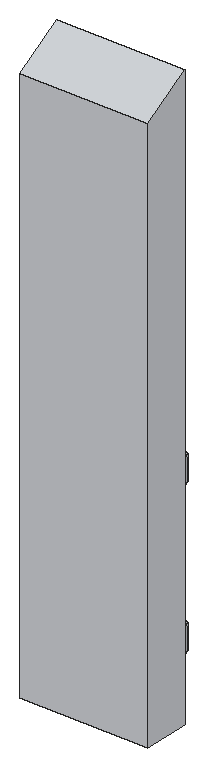
Revit family "57_CRD_ME_Ventura_V1C-V", category Mechanical Equipment, Revit 2020
Family settings
  Round Connector Dimension = Use Diameter
  Classification = None
  Part Type = Normal
  Work Plane-Based = Yes
  Always vertical = Yes
  Cut with Voids When Loaded = No
  Shared = No
  Room Calculation Point = Yes
Parameters
  voltage = 230 V  # constant formula
  roosters_hoh_maat [instance] = 660 mm
  rooster_offset_Y_onder [instance] = hoh_ventilatie_doorvoeren - roosters_hoh_maat + rooster_offset_Y_boven  # -200 mm
  rooster_offset_Y_boven [instance] = -50 mm
  rooster_offset_X [instance] = 100 mm
  onderkant_unit_tov_vloerpeil = 0 mm
  muurrooster_waalformaat [instance] = not(muurrooster_vierkant)  # no
  muurrooster_vierkant [instance] = yes
  materiaal_unit [instance] = none
  materiaal_muurrooster [instance] = none
  materiaal_kanaal [instance] = Color RAL 9016
  eis_offset_Y [instance] = "negatief getal ivm ontwatering"  # constant formula
  dikte_binnenspouwblad [instance] = 40 mm
  hoh_ventilatie_doorvoeren [instance] = 510 mm  # constant formula
  dikte_spouwconstructie [instance] = 400 mm
  diameter_cv = 15 mm
  diameter [instance] = if(connection_diameter_110, 110 mm, 150 mm)  # 110 mm
  debiet_m3h_max [instance] = 237.00 m³  # constant formula
  debiet_m3h [instance] = 100.00 m³
  debiet_Ls [instance] = debiet_m3h / 3600.0 s  # 27.7778 L/s
  connection_diameter_150 [instance] = not(connection_diameter_110)  # no
  connection_diameter_110 [instance] = yes
  Power = 0 VA
  Mounting = 57_CRD_ME_Ventura_V1C-V_shared : Ventura V1C-V unit
  Default Elevation = 1219.2 mm
  1e_ventilatie_doorvoer_tov_vloerpeil = 250 mm  # constant formula
Reference planes
  plane 1 "Center (Front/Back)": y = 0
  plane 2: z = 0
  plane 3 "Center (Left/Right)": x = 0
  plane 4 "doorvoer_onder": z = 250
  plane 5 "doorvoer_boven": z = 760
  plane 6: x = 192
  plane 7: x = 230
  plane 8: y = -180
Forms (mm)
  Extrusion 1, solid, material <- "materiaal_unit"
    sketch origin (0, 0, 0) x (1, 0, 0) y (0, 1, 0)
      loop
        circle (192, -180) r 7.5
    from 0 to 10
  Extrusion 2, solid, material <- "materiaal_unit"
    sketch origin (0, 0, 0) x (1, 0, 0) y (0, 1, 0)
      loop
        circle (230, -180) r 7.5
    from 0 to 10
Dimensions and locks
  "hoh_ventilatie_doorvoeren": plane 4 "doorvoer_onder" to plane 5 "doorvoer_boven"
  "1e_ventilatie_doorvoer_tov_vloerpeil": plane 2 to plane 4 "doorvoer_onder"
  plane 3 "Center (Left/Right)" to plane 6 = 192 mm
  locked: plane 3 "Center (Left/Right)" to plane 7 at 230
  locked: plane 1 "Center (Front/Back)" to plane 8 at 180
  "diameter_cv": diameter of Extrusion 2 sketch curve
  "diameter_cv": diameter of Extrusion 1 sketch curve
  aligned and locked: level to plane 2
  aligned and locked: nested 2 to plane 1 "Center (Front/Back)"
  aligned and locked: nested 2 to plane 3 "Center (Left/Right)"
  aligned and locked: nested 4 to plane 1 "Center (Front/Back)"
  aligned and locked: nested 4 to plane 3 "Center (Left/Right)"
  aligned and locked: nested 1 to plane 2
Automatic sketch dimensions
  Extrusion 1 sketch curve to plane 6 = 0 mm
  Extrusion 1 sketch curve to plane 8 = 0 mm
  Extrusion 2 sketch curve to plane 7 = 0 mm
  Extrusion 2 sketch curve to plane 8 = 0 mm
Nested families
  nested 1: "57_CRD_ME_Ventura_V1C-V_shared" at (0, 0, 0) x (1, 0, 0) z (0, -1, 0), built-in parameter 1001360 <- "onderkant_unit_tov_vloerpeil", materiaal_muurrooster <- "materiaal_muurrooster", debiet_m3h <- "debiet_m3h", muurrooster_vierkant <- "muurrooster_vierkant", Power <- "Power", type <- "Mounting", materiaal_kanaal <- "materiaal_kanaal", materiaal_unit <- "materiaal_unit", rooster_offset_X <- "rooster_offset_X", rooster_offset_Y_boven <- "rooster_offset_Y_boven", rooster_offset_Y_onder <- "rooster_offset_Y_onder", dikte_binnenspouwblad <- "dikte_binnenspouwblad", dikte_spouwconstructie <- "dikte_spouwconstructie", Connection Diameter 150mm <- "connection_diameter_150", type "Ventura V1C-V unit"
    with rooster_offset_Y_onder -200 mm, rooster_offset_Y_boven -50 mm, rooster_offset_X 100 mm, muurrooster_waalformaat no, muurrooster_vierkant yes, materiaal_unit none, materiaal_muurrooster none, materiaal_kanaal Color RAL 9016, dikte_spouwconstructie 400 mm, dikte_binnenspouwblad 40 mm, debiet_m3h 100.00 m³, debiet_Ls 27.7778 L/s, Vertical Right1 no, Vertical Left1 no, Square White1 no, Square Grille Visible no, Square Grey1 no, Service Space no, Right Clearance 20 mm, Reference Line Ventilation Unit Length 260 mm, Reference Line Ventilation Unit Angle 0.00°, Reference Line Grid Length 96 mm, Reference Line Grid Angle 90.00°, Rectangular White1 no, Rectangular Grille Visible yes, Rectangular Brown1 yes, Rectangular Black1 no, Power 0 VA, Line Length 86.4 mm, Left Clearance 0 mm, Inside Diameter Wall Grille 140 mm, Horizontal Right1 yes, Horizontal Left1 no, Grille Wall Transit Length Safe 180 mm, Grille Wall Transit Length 220 mm, Function Code "", Double Rectangular White1 no, Double Rectangular Grille Visible no, Double Rectangular Brown1 no, Double Rectangular Black1 no, Diameter Wall Grille 140 mm, Connector Diameter 110 mm, Connection Diameter 150mm no, Connection Diameter 110mm yes
  nested 2: "57_CRD_AT_aansluiting_muurrooster_flex" at (0, 0, 250) x (-1, 0, 0) z (0, 0, 1), materiaal_kanaal <- "materiaal_kanaal", materiaal_rooster <- "materiaal_muurrooster", diepte <- "dikte_spouwconstructie", lengte_recht_deel_aansluiting <- "dikte_binnenspouwblad", offset_X <- "rooster_offset_X", offset_Y <- "rooster_offset_Y_onder", Connection Diameter 150 <- "connection_diameter_150", muurrooster_waalformaat <- "muurrooster_waalformaat", type "Grille"
    with rekenwaarde_offset_Y 800 mm, rekenwaarde_offset_X 1100 mm, offset_Y -200 mm, offset_X 100 mm, muurrooster_waalformaat no, muurrooster_vierkant yes, materiaal_rooster none, materiaal_kanaal Color RAL 9016, lengte_recht_deel_aansluiting 40 mm, diepte 400 mm, Tube Length 370 mm, R 55 mm, Diameter 110 mm, Connection Diameter 150 no, Connection Diameter 110 yes, Connection Diameter 110 mm
  nested 3: "Square Grille" at (-100, 400.025, 50) x (-1, 0, 0) z (0, 0, 1), type "Square Grille"
    with materiaal none, Function Code ""
  nested 4: "57_CRD_AT_aansluiting_muurrooster_flex" at (0, 0, 760) x (-1, 0, 0) z (0, 0, 1), materiaal_kanaal <- "materiaal_kanaal", materiaal_rooster <- "materiaal_muurrooster", diepte <- "dikte_spouwconstructie", lengte_recht_deel_aansluiting <- "dikte_binnenspouwblad", offset_X <- "rooster_offset_X", offset_Y <- "rooster_offset_Y_boven", Connection Diameter 150 <- "connection_diameter_150", muurrooster_waalformaat <- "muurrooster_waalformaat", type "Grille"
    with rekenwaarde_offset_Y 950 mm, rekenwaarde_offset_X 1100 mm, offset_Y -50 mm, offset_X 100 mm, muurrooster_waalformaat no, muurrooster_vierkant yes, materiaal_rooster none, materiaal_kanaal Color RAL 9016, lengte_recht_deel_aansluiting 40 mm, diepte 400 mm, Tube Length 370 mm, R 55 mm, Diameter 110 mm, Connection Diameter 150 no, Connection Diameter 110 yes, Connection Diameter 110 mm
  nested 5: "Square Grille" at (-100, 400.025, 710) x (-1, 0, 0) z (0, 0, 1), type "Square Grille"
    with materiaal none, Function Code ""
Connectors
  electrical at (0, 0, 1279), driven by "voltage"
    settings: on nested 1, index 1, voltage 230 V, apparent load 0 VA, apparent load phase1 0 VA, apparent load phase2 0 VA, apparent load phase3 0 VA, power factor 1, load classification "Other", number of poles 1, system type 31, power factor state 1, is connector primary yes, connector utility no, sub classification motor no, connector description ""
  hvac at (0, 0, 760), driven by "diameter", driven by "debiet_Ls"
    settings: on nested 4, index 2, duct flow 27.7778 L/s, flow factor 0, pres drop 0.0 Pa, loss coef 0, conn angle 0.00°, conn width 304.8 mm, conn height 304.8 mm, conn diameter 110 mm, duct sys type 2, conn prof type 0, flow config 0, flow direction 2, loss method 0, conn ref index -1, conn util no, is conn primary yes, conn desc ""
  hvac at (0, 0, 250), driven by "diameter", driven by "debiet_Ls"
    settings: on nested 2, index 3, duct flow 27.7778 L/s, flow factor 0, pres drop 0.0 Pa, loss coef 0, conn angle 0.00°, conn width 304.8 mm, conn height 304.8 mm, conn diameter 110 mm, duct sys type 1, conn prof type 0, flow config 0, flow direction 1, loss method 0, conn ref index -1, conn util no, is conn primary no, conn desc ""
  piping at (192, -180, 0), diameter 15, driven by "diameter_cv"
    settings: on Extrusion 1, index 4, connector inside diameter 609.6 mm, connector length 0 mm, flow factor 0, pipe flow 0.0 L/s, pressure drop 0.0 Pa, fitting loss kfactor 0, connector angle 0.00°, fixture units 0, engagement length 0 mm, angle of deflection 0.00°, flow configuration 0, flow direction 1, fitting loss method 0, system type 7, joint type 0, gender type 0, connector reference index -1, connector utility 0, adjustable connector no, is connector primary yes, connector description ""
  piping at (230, -180, 0), diameter 15, driven by "diameter_cv"
    settings: on Extrusion 2, index 5, connector inside diameter 609.6 mm, connector length 0 mm, flow factor 0, pipe flow 0.0 L/s, pressure drop 0.0 Pa, fitting loss kfactor 0, connector angle 0.00°, fixture units 0, engagement length 0 mm, angle of deflection 0.00°, flow configuration 0, flow direction 2, fitting loss method 0, system type 8, joint type 0, gender type 0, connector reference index -1, connector utility 0, adjustable connector no, is connector primary no, connector description ""
Definition of nested family "57_CRD_ME_Ventura_V1C-V_shared"
  Parameters (values of type "Mounting Position - Horizontal Right Corner")
    rooster_offset_Y_onder [instance] = 100 mm
    rooster_offset_Y_boven [instance] = 100 mm
    rooster_offset_X [instance] = 100 mm
    muurrooster_waalformaat [instance] = not(muurrooster_vierkant)  # no
    muurrooster_vierkant [instance] = yes
    materiaal_unit [instance] = none
    materiaal_muurrooster [instance] = none
    materiaal_kanaal [instance] = none
    hoogte_voorzijde = 2436 mm  # constant formula
    hoogte = 2558 mm  # constant formula
    hart_zijrooster_tov_wand = 60 mm  # constant formula
    hart_rooster_onder = 60.5 mm  # constant formula
    hart_rooster_boven = 2235 mm  # constant formula
    dikte_spouwconstructie [instance] = 210 mm
    dikte_binnenspouwblad [instance] = 40 mm
    diepte = 202 mm  # constant formula
    debiet_m3h [instance] = 100.00 m³
    debiet_Ls [instance] = debiet_m3h / 3600.0 s  # 27.7778 L/s
    breedte = 558 mm  # constant formula
    afvoer_tov_vloerpeil = 760 mm  # constant formula
    aanvoer_tov_vloerpeil = 250 mm  # constant formula
    Width = 520 mm
    Wholesaler Art. No. = ""
    Wholesaler = ""
    Watermarked By = "https://mep.trimble.com"
    Voltage = 230 V
    Vertical Right1 [instance] = if(Mounting = Vertical Right, 1 = 1, 1 = 0)  # no
    Vertical Right = Position : Vertical, Right Corner
    Vertical Left1 [instance] = if(Mounting = Vertical Left, 1 = 1, 1 = 0)  # no
    Vertical Left = Position : Vertical, Left Corner
    URL = "https://mep.trimble.com"
    Square White1 [instance] = no
    Square Grille Visible [instance] = if(or(Square Grey1, Square White1), 1 = 1, 1 = 0)  # no
    Square Grey1 [instance] = no
    Service Space [instance] = no
    Stabu Code = ""
    Right Clearance [instance] = if(or(Horizontal Right1, Vertical Left1), 20 mm, 0 mm)  # 20 mm
    Revit Version = "2018"  # constant formula
    Reference Line Grid Length [instance] = if(or(Horizontal Left1, Horizontal Right1), 96 mm, 260 mm)  # 96 mm
    Reference Line Grid Angle [instance] = if(Vertical Left1, 0.00°, if(Vertical Right1, 180.00°, 90.00°))  # 90.00°
    Rectangular White1 [instance] = no
    Rectangular Grille Visible [instance] = if(or(Rectangular Black1, Rectangular White1, Rectangular Brown1), 1 = 1, 1 = 0)  # yes
    Rectangular Brown1 [instance] = yes
    Rectangular Black1 [instance] = no
    Product Line = "ClimaRad"  # constant formula
    Power [instance] = 0 VA
    Mounting = Position : Horizontal, Right Corner
    Model = "Ventura V1C"
    Manufacturer URL = "https://www.climarad.nl/producten/actueel/climarad-ventura/"
    Manufacturer Art. No. = "3540300"
    Manufacturer = "ClimaRad"  # constant formula
    MEPcontent Class = "VENTILATION_UNIT"  # constant formula
    Reference Line Ventilation Unit Length [instance] = if(or(Vertical Left1, Vertical Right1), 100.3 mm, 260 mm)  # 260 mm
    Line Length [instance] = if(Connection Diameter 110mm, 86.4 mm, 111.1 mm)  # 111.1 mm
    Left Clearance [instance] = if(or(Horizontal Left1, Vertical Right1), 20 mm, 0 mm)  # 0 mm
    Internal Art. No. = ""
    Inside Diameter Wall Grille [instance] = if(Connection Diameter 150mm, 180 mm, 140 mm)  # 180 mm
    IFCExportType = "NOTDEFINED"  # constant formula
    IFCExportAs = "IfcAirTerminal"  # constant formula
    Horizontal Right1 [instance] = if(Mounting = Horizontal Right, 1 = 1, 1 = 0)  # yes
    Horizontal Right = Position : Horizontal, Right Corner
    Horizontal Left1 [instance] = if(Mounting = Horizontal Left, 1 = 1, 1 = 0)  # no
    Horizontal Left = Position : Horizontal, Left Corner
    Height = 2285 mm
    Grille Wall Transit Length Safe [instance] = 180 mm
    Grille Wall Transit Length [instance] = 220 mm
    GTIN = ""
    GLN = "8719279000001"
    Function Code [instance] = ""  # constant formula
    Family Version = "11.26"  # constant formula
    ETIM Article Class = "EC010004"  # constant formula
    EMCS Version = "4.0"  # constant formula
    Double Rectangular White1 [instance] = no
    Double Rectangular Grille Visible [instance] = if(or(Double Rectangular Brown1, Double Rectangular Black1, Double Rectangular White1), 1 = 1, 1 = 0)  # no
    Double Rectangular Brown1 [instance] = no
    Double Rectangular Black1 [instance] = no
    Diameter Wall Grille [instance] = if(Connection Diameter 110mm, 140 mm, 180 mm)  # 180 mm
    Description = "Ventileren, verwarmen en koelen"
    Depth = 200 mm
    Default Elevation = 0 mm
    Custom = no
    Copyright = "© Trimble Europe BV"  # constant formula
    Content Supplier URL = "www.MEPcontent.com"
    Connection Diameter 150mm [instance] = yes
    Connection Diameter 110mm [instance] = not(Connection Diameter 150mm)  # no
    Connector Diameter [instance] = if(Connection Diameter 150mm, 150 mm, 110 mm)  # 150 mm
    CB-NL Class = ""
    Base Family Version = "12.19"  # constant formula
    Article Type = "Ventura V1C"
    Article Description = "Ventileren, verwarmen en koelen"
    Reference Line Ventilation Unit Angle [instance] = if(Horizontal Left1, 180.00°, if(Horizontal Right1, 0.00°, 90.00°))  # 0.00°
  Types (2, lengths in mm): name | Right Clearance | Mounting | Left Clearance | Horizontal Right1 | Horizontal Left1 | Reference Line Ventilation Unit Angle
    Mounting Position - Horizontal Right Corner | 20 | Position : Horizontal, Right Corner | 0 | yes | no | 0.00°
    Mounting Position - Horizontal Left Corner | 0 | Position : Horizontal, Left Corner | 20 | no | yes | 180.00°
  Reference planes
    plane 1 "Center (Front/Back)": y = 0
    plane 2: z = 0
    plane 3 "Center (Left/Right)": x = 0
    plane 4: x = 0
    plane 5: y = 760
    plane 6: y = 250
    plane 7 "voorkant": z = 202
    plane 8 "links": x = -279
    plane 9 "rechts": x = 279
    plane 10: y = 2436
    plane 11: y = 2558
    plane 12: y = 60.5
    plane 13: y = 2235
    plane 14: z = 60
  Forms (mm)
    Extrusion 1, solid, not visible
      sketch origin (0, 780.8, 0) x (1, 0, 0) y (0, 1, 0)
        loop
          line (-1219.2, 2019.2) -> (-1219.2, -1219.2) -> (1219.2, -1219.2) -> (1219.2, 2019.2) -> (-1219.2, 2019.2)
      from 0 to -304.8
    Extrusion 2, solid, material <- "materiaal_unit"
      sketch origin (0, 0, 0) x (0, 1, 0) y (0, 0, 1)
        loop
          line (2436, 202) -> (0, 202) -> (0, 0) -> (2558, 0) -> (2436, 202)
      from -279 to 279
  Lines and regions (mm)
    reference lines
      curve 1: line (0, 2436, 202) -> (0, 2558, 0)
    symbolic lines
      curve 2: line (925.366, 2512.74, 0) -> (925.366, 2522.74, 0)
      curve 3: line (925.366, 2522.74, 0) -> (941.923, 2522.74, 0)
  Dimensions and locks
    equal spacing: plane 8 "links", plane 4, plane 9 "rechts"
    "breedte": plane 8 "links" to plane 9 "rechts"
    "aanvoer_tov_vloerpeil": plane 6 to plane 1 "Center (Front/Back)"
    "afvoer_tov_vloerpeil": plane 5 to plane 1 "Center (Front/Back)"
    "hoogte_voorzijde": plane 10 to plane 1 "Center (Front/Back)"
    "hoogte": plane 11 to plane 1 "Center (Front/Back)"
    "diepte": plane 7 "voorkant" to level
    "hart_rooster_onder": plane 1 "Center (Front/Back)" to plane 12
    "hart_rooster_boven": plane 1 "Center (Front/Back)" to plane 13
    "hart_zijrooster_tov_wand": plane 14 to level
    aligned and locked: plane 2 to Extrusion 1
    aligned and locked: level to Extrusion 1
    aligned and locked: plane 11 to curve 1
    aligned and locked: level to curve 1
    aligned and locked: plane 10 to curve 1
    aligned and locked: plane 7 "voorkant" to curve 1
    aligned and locked: plane 7 "voorkant" to Extrusion 2 sketch curve
    aligned and locked: plane 1 "Center (Front/Back)" to Extrusion 2 sketch curve
    aligned and locked: Extrusion 2 sketch curve to level
    aligned and locked: Extrusion 2 sketch curve to curve 1
    aligned and locked: Extrusion 2 to plane 8 "links"
    aligned and locked: Extrusion 2 to plane 9 "rechts"
    aligned and locked: plane 3 "Center (Left/Right)" to nested 2
    aligned and locked: plane 12 to nested 2
    aligned and locked: plane 13 to nested 3
    aligned and locked: nested 3 to plane 4
    aligned and locked: nested 5 to plane 14
    aligned and locked: plane 13 to nested 5
    aligned and locked: nested 4 to plane 14
    aligned and locked: plane 13 to nested 4
    aligned and locked: nested 6 to plane 4
  Automatic sketch dimensions
    Extrusion 1 sketch curve to Extrusion 1 sketch curve = 2438.4 mm
    Extrusion 1 sketch curve to Extrusion 1 sketch curve = 3238.4 mm
    curve 2 to plane 11 = 35.26 mm
    curve 2 to plane 9 "rechts" = 646.366 mm
    curve 2 to curve 3 = 16.557 mm
    curve 2 to curve 2 = 10 mm
  Nested families
    nested 1: "Service Space" at (0, 1144.5, 0), visible <- "Service Space", Show Service Area <- "Service Space", type "Service Space"
      with Show Service Area no, Depth 2289 mm, Height 204 mm
    nested 2: "57_rooster_onder" at (0, 60.5, 202), type "rooster_onder"
    nested 3: "57_rooster_boven" at (0, 2235, 202), type "rooster_boven"
    nested 4: "57_rooster_zijkant" at (279, 2235, 60) x (0, 0, -1) z (1, 0, 0), type "rooster_zijkant"
    nested 5: "57_rooster_zijkant" at (-279, 2235, 60) x (0, 0, -1) z (1, 0, 0), type "rooster_zijkant"
    nested 6: "57_rooster_bovenkant" at (0, 2497, 101) x (-1, 0, 0) z (0, 0.856, 0.517), type "rooster_bovenkant"
  Definition of nested family "Service Space"
    Parameters (values of type "Service Space")
      Depth = 2280 mm
      Watermarked By = "www.stabiplan.com"
      URL = "www.stabiplan.com"
      Type Comments = "﻿﻿            ​   ​     ​         ​ ​     ​            ​       ​                   ​   ​       ​      ﻿ ﻿       ​       ﻿    ﻿ ﻿          ﻿﻿"
      Show Service Area [instance] = yes
      Top Clearance = 0 mm
      Right Clearance = 20 mm
      Left Clearance = 0 mm
      Keynote = "﻿﻿            ​   ​     ​         ​ ​     ​            ​       ​                   ​   ​       ​      ﻿ ﻿       ​       ﻿    ﻿ ﻿          ﻿﻿"
      Glass = none
      Front Clearance = 0 mm
      Default Elevation = 0 mm
      Bottom Clearance = 0 mm
      Model = ""
      Manufacturer = ""
      Width = 520 mm
      Height = 203 mm
      Description = "﻿﻿            ​   ​     ​         ​ ​     ​            ​       ​                   ​   ​       ​      ﻿ ﻿       ​       ﻿    ﻿ ﻿          ﻿﻿"
      Manufacturer URL = ""
      Copyright = "© Stabiplan BV / Stabiplan International BV"  # constant formula
      Back Clearance = 0 mm
      Assembly Code = "﻿﻿            ​   ​     ​         ​ ​     ​            ​       ​                   ​   ​       ​      ﻿ ﻿       ​       ﻿    ﻿ ﻿          ﻿﻿"
    Reference planes
      plane 1 "Center (Front/Back)": y = 0
      plane 2: z = 0
      plane 3 "Center (Left/Right)": x = 0
      plane 4: x = 260
      plane 5: x = -260
      plane 6: z = 0
      plane 7: z = 203
      plane 8: x = -255
      plane 9: x = 255
      plane 10: z = -20
      plane 11: y = -1140
      plane 12: x = 280
      plane 13: x = -260
      plane 14: z = 203
      plane 15: y = 1140
      plane 16: y = -1140
      plane 17: y = 1140
    Forms (mm)
      Extrusion 1, solid, material <- "Glass", visible <- "Show Service Area"
        sketch origin (0, 0, 0) x (1, 0, 0) y (0, 1, 0)
          loop
            line (-260, 1140) -> (-260, -1140) -> (280, -1140) -> (280, 1140) -> (-260, 1140)
        from 0 to 203
    Dimensions and locks
      equal spacing: plane 5, plane 3 "Center (Left/Right)", plane 4
      "Width": plane 5 to plane 4
      "Bottom Clearance": plane 6 to plane 2
      "Height": plane 7 to plane 6
      locked: plane 8 to plane 5 at 5
      locked: plane 9 to plane 4 at 5
      locked: plane 6 to plane 10 at 20
      "Right Clearance": plane 12 to plane 4
      "Left Clearance": plane 13 to plane 5
      "Top Clearance": plane 14 to plane 7
      equal spacing: plane 16, plane 1 "Center (Front/Back)", plane 15
      "Back Clearance": plane 17 to plane 15
      "Depth": plane 15 to plane 16
      "Front Clearance": plane 11 to plane 16
      aligned and locked: level to plane 2
      aligned and locked: plane 14 to Extrusion 1
      aligned and locked: Extrusion 1 to plane 17
    Automatic sketch dimensions
      Extrusion 1 sketch curve to plane 13 = 0 mm
      plane 11 to Extrusion 1 sketch curve = 0 mm
      Extrusion 1 sketch curve to plane 12 = 0 mm
      Extrusion 1 sketch curve to plane 1 "Center (Front/Back)" = 1140 mm
  Definition of nested family "57_rooster_onder"
    Parameters
      Default Elevation = 1219.2 mm
    Reference planes
      plane 1 "Center (Front/Back)": y = 0
      plane 2: z = 0
      plane 3 "Center (Left/Right)": x = 0
    Lines and regions (mm)
      model lines
        curve 1: line (-272.5, -36.5, 0) -> (-272.5, 36.5, 0)
        curve 2: arc (-272.5, 36.5, 0) -> (-269.278, 44.278, 0) -> (-261.5, 47.5, 0) r 11
        curve 3: line (-261.5, 47.5, 0) -> (261.5, 47.5, 0)
        curve 4: arc (261.5, 47.5, 0) -> (269.278, 44.278, 0) -> (272.5, 36.5, 0) r 11
        curve 5: line (272.5, 36.5, 0) -> (272.5, -36.5, 0)
        curve 6: arc (272.5, -36.5, 0) -> (269.278, -44.278, 0) -> (261.5, -47.5, 0) r 11
        curve 7: line (261.5, -47.5, 0) -> (-261.5, -47.5, 0)
        curve 8: arc (-261.5, -47.5, 0) -> (-269.278, -44.278, 0) -> (-272.5, -36.5, 0) r 11
        curve 9: line (-262.5, -38.5, 0) -> (-262.5, 38.5, 0)
        curve 10: line (-257.5, 38.5, 0) -> (-257.5, -38.5, 0)
        curve 11: arc (-262.5, 38.5, 0) -> (-260, 41, 0) -> (-257.5, 38.5, 0) r 2.5
        curve 12: arc (-257.5, -38.5, 0) -> (-260, -41, 0) -> (-262.5, -38.5, 0) r 2.5
        curve 13: line (-252.5, -38.5, 0) -> (-252.5, 38.5, 0)
        curve 14: line (-247.5, 38.5, 0) -> (-247.5, -38.5, 0)
        curve 15: arc (-252.5, 38.5, 0) -> (-250, 41, 0) -> (-247.5, 38.5, 0) r 2.5
        curve 16: arc (-247.5, -38.5, 0) -> (-250, -41, 0) -> (-252.5, -38.5, 0) r 2.5
        curve 17: line (-242.5, -38.5, 0) -> (-242.5, 38.5, 0)
        curve 18: line (-237.5, 38.5, 0) -> (-237.5, -38.5, 0)
        curve 19: arc (-242.5, 38.5, 0) -> (-240, 41, 0) -> (-237.5, 38.5, 0) r 2.5
        curve 20: arc (-237.5, -38.5, 0) -> (-240, -41, 0) -> (-242.5, -38.5, 0) r 2.5
        curve 21: line (-232.5, -38.5, 0) -> (-232.5, 38.5, 0)
        curve 22: line (-227.5, 38.5, 0) -> (-227.5, -38.5, 0)
        curve 23: arc (-232.5, 38.5, 0) -> (-230, 41, 0) -> (-227.5, 38.5, 0) r 2.5
        curve 24: arc (-227.5, -38.5, 0) -> (-230, -41, 0) -> (-232.5, -38.5, 0) r 2.5
        curve 25: line (-222.5, -38.5, 0) -> (-222.5, 38.5, 0)
        curve 26: line (-217.5, 38.5, 0) -> (-217.5, -38.5, 0)
        curve 27: arc (-222.5, 38.5, 0) -> (-220, 41, 0) -> (-217.5, 38.5, 0) r 2.5
        curve 28: arc (-217.5, -38.5, 0) -> (-220, -41, 0) -> (-222.5, -38.5, 0) r 2.5
        curve 29: line (-212.5, -38.5, 0) -> (-212.5, 38.5, 0)
        curve 30: line (-207.5, 38.5, 0) -> (-207.5, -38.5, 0)
        curve 31: arc (-212.5, 38.5, 0) -> (-210, 41, 0) -> (-207.5, 38.5, 0) r 2.5
        curve 32: arc (-207.5, -38.5, 0) -> (-210, -41, 0) -> (-212.5, -38.5, 0) r 2.5
        curve 33: line (-202.5, -38.5, 0) -> (-202.5, 38.5, 0)
        curve 34: line (-197.5, 38.5, 0) -> (-197.5, -38.5, 0)
        curve 35: arc (-202.5, 38.5, 0) -> (-200, 41, 0) -> (-197.5, 38.5, 0) r 2.5
        curve 36: arc (-197.5, -38.5, 0) -> (-200, -41, 0) -> (-202.5, -38.5, 0) r 2.5
        curve 37: line (-192.5, -38.5, 0) -> (-192.5, 38.5, 0)
        curve 38: line (-187.5, 38.5, 0) -> (-187.5, -38.5, 0)
        curve 39: arc (-192.5, 38.5, 0) -> (-190, 41, 0) -> (-187.5, 38.5, 0) r 2.5
        curve 40: arc (-187.5, -38.5, 0) -> (-190, -41, 0) -> (-192.5, -38.5, 0) r 2.5
        curve 41: line (-182.5, -38.5, 0) -> (-182.5, 38.5, 0)
        curve 42: line (-177.5, 38.5, 0) -> (-177.5, -38.5, 0)
        curve 43: arc (-182.5, 38.5, 0) -> (-180, 41, 0) -> (-177.5, 38.5, 0) r 2.5
        curve 44: arc (-177.5, -38.5, 0) -> (-180, -41, 0) -> (-182.5, -38.5, 0) r 2.5
        curve 45: line (-172.5, -38.5, 0) -> (-172.5, 38.5, 0)
        curve 46: line (-167.5, 38.5, 0) -> (-167.5, -38.5, 0)
        curve 47: arc (-172.5, 38.5, 0) -> (-170, 41, 0) -> (-167.5, 38.5, 0) r 2.5
        curve 48: arc (-167.5, -38.5, 0) -> (-170, -41, 0) -> (-172.5, -38.5, 0) r 2.5
        curve 49: line (-162.5, -38.5, 0) -> (-162.5, 38.5, 0)
        curve 50: line (-157.5, 38.5, 0) -> (-157.5, -38.5, 0)
        curve 51: arc (-162.5, 38.5, 0) -> (-160, 41, 0) -> (-157.5, 38.5, 0) r 2.5
        curve 52: arc (-157.5, -38.5, 0) -> (-160, -41, 0) -> (-162.5, -38.5, 0) r 2.5
        curve 53: line (-152.5, -38.5, 0) -> (-152.5, 38.5, 0)
        curve 54: line (-147.5, 38.5, 0) -> (-147.5, -38.5, 0)
        curve 55: arc (-152.5, 38.5, 0) -> (-150, 41, 0) -> (-147.5, 38.5, 0) r 2.5
        curve 56: arc (-147.5, -38.5, 0) -> (-150, -41, 0) -> (-152.5, -38.5, 0) r 2.5
        curve 57: line (-142.5, -38.5, 0) -> (-142.5, 38.5, 0)
        curve 58: line (-137.5, 38.5, 0) -> (-137.5, -38.5, 0)
        curve 59: arc (-142.5, 38.5, 0) -> (-140, 41, 0) -> (-137.5, 38.5, 0) r 2.5
        curve 60: arc (-137.5, -38.5, 0) -> (-140, -41, 0) -> (-142.5, -38.5, 0) r 2.5
        curve 61: line (-132.5, -38.5, 0) -> (-132.5, 38.5, 0)
        curve 62: line (-127.5, 38.5, 0) -> (-127.5, -38.5, 0)
        curve 63: arc (-132.5, 38.5, 0) -> (-130, 41, 0) -> (-127.5, 38.5, 0) r 2.5
        curve 64: arc (-127.5, -38.5, 0) -> (-130, -41, 0) -> (-132.5, -38.5, 0) r 2.5
        curve 65: line (-122.5, -38.5, 0) -> (-122.5, 38.5, 0)
        curve 66: line (-117.5, 38.5, 0) -> (-117.5, -38.5, 0)
        curve 67: arc (-122.5, 38.5, 0) -> (-120, 41, 0) -> (-117.5, 38.5, 0) r 2.5
        curve 68: arc (-117.5, -38.5, 0) -> (-120, -41, 0) -> (-122.5, -38.5, 0) r 2.5
        curve 69: line (-112.5, -38.5, 0) -> (-112.5, 38.5, 0)
        curve 70: line (-107.5, 38.5, 0) -> (-107.5, -38.5, 0)
        curve 71: arc (-112.5, 38.5, 0) -> (-110, 41, 0) -> (-107.5, 38.5, 0) r 2.5
        curve 72: arc (-107.5, -38.5, 0) -> (-110, -41, 0) -> (-112.5, -38.5, 0) r 2.5
        curve 73: line (-102.5, -38.5, 0) -> (-102.5, 38.5, 0)
        curve 74: line (-97.5, 38.5, 0) -> (-97.5, -38.5, 0)
        curve 75: arc (-102.5, 38.5, 0) -> (-100, 41, 0) -> (-97.5, 38.5, 0) r 2.5
        curve 76: arc (-97.5, -38.5, 0) -> (-100, -41, 0) -> (-102.5, -38.5, 0) r 2.5
        curve 77: line (-92.5, -38.5, 0) -> (-92.5, 38.5, 0)
        curve 78: line (-87.5, 38.5, 0) -> (-87.5, -38.5, 0)
        curve 79: arc (-92.5, 38.5, 0) -> (-90, 41, 0) -> (-87.5, 38.5, 0) r 2.5
        curve 80: arc (-87.5, -38.5, 0) -> (-90, -41, 0) -> (-92.5, -38.5, 0) r 2.5
        curve 81: line (-82.5, -38.5, 0) -> (-82.5, 38.5, 0)
        curve 82: line (-77.5, 38.5, 0) -> (-77.5, -38.5, 0)
        curve 83: arc (-82.5, 38.5, 0) -> (-80, 41, 0) -> (-77.5, 38.5, 0) r 2.5
        curve 84: arc (-77.5, -38.5, 0) -> (-80, -41, 0) -> (-82.5, -38.5, 0) r 2.5
        curve 85: line (-72.5, -38.5, 0) -> (-72.5, 38.5, 0)
        curve 86: line (-67.5, 38.5, 0) -> (-67.5, -38.5, 0)
        curve 87: arc (-72.5, 38.5, 0) -> (-70, 41, 0) -> (-67.5, 38.5, 0) r 2.5
        curve 88: arc (-67.5, -38.5, 0) -> (-70, -41, 0) -> (-72.5, -38.5, 0) r 2.5
        curve 89: line (-62.5, -38.5, 0) -> (-62.5, 38.5, 0)
        curve 90: line (-57.5, 38.5, 0) -> (-57.5, -38.5, 0)
        curve 91: arc (-62.5, 38.5, 0) -> (-60, 41, 0) -> (-57.5, 38.5, 0) r 2.5
        curve 92: arc (-57.5, -38.5, 0) -> (-60, -41, 0) -> (-62.5, -38.5, 0) r 2.5
        curve 93: line (-52.5, -38.5, 0) -> (-52.5, 38.5, 0)
        curve 94: line (-47.5, 38.5, 0) -> (-47.5, -38.5, 0)
        curve 95: arc (-52.5, 38.5, 0) -> (-50, 41, 0) -> (-47.5, 38.5, 0) r 2.5
        curve 96: arc (-47.5, -38.5, 0) -> (-50, -41, 0) -> (-52.5, -38.5, 0) r 2.5
        curve 97: line (-42.5, -38.5, 0) -> (-42.5, 38.5, 0)
        curve 98: line (-37.5, 38.5, 0) -> (-37.5, -38.5, 0)
        curve 99: arc (-42.5, 38.5, 0) -> (-40, 41, 0) -> (-37.5, 38.5, 0) r 2.5
        curve 100: arc (-37.5, -38.5, 0) -> (-40, -41, 0) -> (-42.5, -38.5, 0) r 2.5
        curve 101: line (-32.5, -38.5, 0) -> (-32.5, 38.5, 0)
        curve 102: line (-27.5, 38.5, 0) -> (-27.5, -38.5, 0)
        curve 103: arc (-32.5, 38.5, 0) -> (-30, 41, 0) -> (-27.5, 38.5, 0) r 2.5
        curve 104: arc (-27.5, -38.5, 0) -> (-30, -41, 0) -> (-32.5, -38.5, 0) r 2.5
        curve 105: line (-22.5, -38.5, 0) -> (-22.5, 38.5, 0)
        curve 106: line (-17.5, 38.5, 0) -> (-17.5, -38.5, 0)
        curve 107: arc (-22.5, 38.5, 0) -> (-20, 41, 0) -> (-17.5, 38.5, 0) r 2.5
        curve 108: arc (-17.5, -38.5, 0) -> (-20, -41, 0) -> (-22.5, -38.5, 0) r 2.5
        curve 109: line (-12.5, -38.5, 0) -> (-12.5, 38.5, 0)
        curve 110: line (-7.5, 38.5, 0) -> (-7.5, -38.5, 0)
        curve 111: arc (-12.5, 38.5, 0) -> (-10, 41, 0) -> (-7.5, 38.5, 0) r 2.5
        curve 112: arc (-7.5, -38.5, 0) -> (-10, -41, 0) -> (-12.5, -38.5, 0) r 2.5
        curve 113: line (-2.5, -38.5, 0) -> (-2.5, 38.5, 0)
        curve 114: line (2.5, 38.5, 0) -> (2.5, -38.5, 0)
        curve 115: arc (-2.5, 38.5, 0) -> (0, 41, 0) -> (2.5, 38.5, 0) r 2.5
        curve 116: arc (2.5, -38.5, 0) -> (0, -41, 0) -> (-2.5, -38.5, 0) r 2.5
        curve 117: line (7.5, -38.5, 0) -> (7.5, 38.5, 0)
        curve 118: line (12.5, 38.5, 0) -> (12.5, -38.5, 0)
        curve 119: arc (7.5, 38.5, 0) -> (10, 41, 0) -> (12.5, 38.5, 0) r 2.5
        curve 120: arc (12.5, -38.5, 0) -> (10, -41, 0) -> (7.5, -38.5, 0) r 2.5
        curve 121: line (17.5, -38.5, 0) -> (17.5, 38.5, 0)
        curve 122: line (22.5, 38.5, 0) -> (22.5, -38.5, 0)
        curve 123: arc (17.5, 38.5, 0) -> (20, 41, 0) -> (22.5, 38.5, 0) r 2.5
        curve 124: arc (22.5, -38.5, 0) -> (20, -41, 0) -> (17.5, -38.5, 0) r 2.5
        curve 125: line (27.5, -38.5, 0) -> (27.5, 38.5, 0)
        curve 126: line (32.5, 38.5, 0) -> (32.5, -38.5, 0)
        curve 127: arc (27.5, 38.5, 0) -> (30, 41, 0) -> (32.5, 38.5, 0) r 2.5
        curve 128: arc (32.5, -38.5, 0) -> (30, -41, 0) -> (27.5, -38.5, 0) r 2.5
        curve 129: line (37.5, -38.5, 0) -> (37.5, 38.5, 0)
        curve 130: line (42.5, 38.5, 0) -> (42.5, -38.5, 0)
        curve 131: arc (37.5, 38.5, 0) -> (40, 41, 0) -> (42.5, 38.5, 0) r 2.5
        curve 132: arc (42.5, -38.5, 0) -> (40, -41, 0) -> (37.5, -38.5, 0) r 2.5
        curve 133: line (47.5, -38.5, 0) -> (47.5, 38.5, 0)
        curve 134: line (52.5, 38.5, 0) -> (52.5, -38.5, 0)
        curve 135: arc (47.5, 38.5, 0) -> (50, 41, 0) -> (52.5, 38.5, 0) r 2.5
        curve 136: arc (52.5, -38.5, 0) -> (50, -41, 0) -> (47.5, -38.5, 0) r 2.5
        curve 137: line (57.5, -38.5, 0) -> (57.5, 38.5, 0)
        curve 138: line (62.5, 38.5, 0) -> (62.5, -38.5, 0)
        curve 139: arc (57.5, 38.5, 0) -> (60, 41, 0) -> (62.5, 38.5, 0) r 2.5
        curve 140: arc (62.5, -38.5, 0) -> (60, -41, 0) -> (57.5, -38.5, 0) r 2.5
        curve 141: line (67.5, -38.5, 0) -> (67.5, 38.5, 0)
        curve 142: line (72.5, 38.5, 0) -> (72.5, -38.5, 0)
        curve 143: arc (67.5, 38.5, 0) -> (70, 41, 0) -> (72.5, 38.5, 0) r 2.5
        curve 144: arc (72.5, -38.5, 0) -> (70, -41, 0) -> (67.5, -38.5, 0) r 2.5
        curve 145: line (77.5, -38.5, 0) -> (77.5, 38.5, 0)
        curve 146: line (82.5, 38.5, 0) -> (82.5, -38.5, 0)
        curve 147: arc (77.5, 38.5, 0) -> (80, 41, 0) -> (82.5, 38.5, 0) r 2.5
        curve 148: arc (82.5, -38.5, 0) -> (80, -41, 0) -> (77.5, -38.5, 0) r 2.5
        curve 149: line (87.5, -38.5, 0) -> (87.5, 38.5, 0)
        curve 150: line (92.5, 38.5, 0) -> (92.5, -38.5, 0)
        curve 151: arc (87.5, 38.5, 0) -> (90, 41, 0) -> (92.5, 38.5, 0) r 2.5
        curve 152: arc (92.5, -38.5, 0) -> (90, -41, 0) -> (87.5, -38.5, 0) r 2.5
        curve 153: line (97.5, -38.5, 0) -> (97.5, 38.5, 0)
        curve 154: line (102.5, 38.5, 0) -> (102.5, -38.5, 0)
        curve 155: arc (97.5, 38.5, 0) -> (100, 41, 0) -> (102.5, 38.5, 0) r 2.5
        curve 156: arc (102.5, -38.5, 0) -> (100, -41, 0) -> (97.5, -38.5, 0) r 2.5
        curve 157: line (107.5, -38.5, 0) -> (107.5, 38.5, 0)
        curve 158: line (112.5, 38.5, 0) -> (112.5, -38.5, 0)
        curve 159: arc (107.5, 38.5, 0) -> (110, 41, 0) -> (112.5, 38.5, 0) r 2.5
        curve 160: arc (112.5, -38.5, 0) -> (110, -41, 0) -> (107.5, -38.5, 0) r 2.5
        curve 161: line (117.5, -38.5, 0) -> (117.5, 38.5, 0)
        curve 162: line (122.5, 38.5, 0) -> (122.5, -38.5, 0)
        curve 163: arc (117.5, 38.5, 0) -> (120, 41, 0) -> (122.5, 38.5, 0) r 2.5
        curve 164: arc (122.5, -38.5, 0) -> (120, -41, 0) -> (117.5, -38.5, 0) r 2.5
        curve 165: line (127.5, -38.5, 0) -> (127.5, 38.5, 0)
        curve 166: line (132.5, 38.5, 0) -> (132.5, -38.5, 0)
        curve 167: arc (127.5, 38.5, 0) -> (130, 41, 0) -> (132.5, 38.5, 0) r 2.5
        curve 168: arc (132.5, -38.5, 0) -> (130, -41, 0) -> (127.5, -38.5, 0) r 2.5
        curve 169: line (137.5, -38.5, 0) -> (137.5, 38.5, 0)
        curve 170: line (142.5, 38.5, 0) -> (142.5, -38.5, 0)
        curve 171: arc (137.5, 38.5, 0) -> (140, 41, 0) -> (142.5, 38.5, 0) r 2.5
        curve 172: arc (142.5, -38.5, 0) -> (140, -41, 0) -> (137.5, -38.5, 0) r 2.5
        curve 173: line (147.5, -38.5, 0) -> (147.5, 38.5, 0)
        curve 174: line (152.5, 38.5, 0) -> (152.5, -38.5, 0)
        curve 175: arc (147.5, 38.5, 0) -> (150, 41, 0) -> (152.5, 38.5, 0) r 2.5
        curve 176: arc (152.5, -38.5, 0) -> (150, -41, 0) -> (147.5, -38.5, 0) r 2.5
        curve 177: line (157.5, -38.5, 0) -> (157.5, 38.5, 0)
        curve 178: line (162.5, 38.5, 0) -> (162.5, -38.5, 0)
        curve 179: arc (157.5, 38.5, 0) -> (160, 41, 0) -> (162.5, 38.5, 0) r 2.5
        curve 180: arc (162.5, -38.5, 0) -> (160, -41, 0) -> (157.5, -38.5, 0) r 2.5
        curve 181: line (167.5, -38.5, 0) -> (167.5, 38.5, 0)
        curve 182: line (172.5, 38.5, 0) -> (172.5, -38.5, 0)
        curve 183: arc (167.5, 38.5, 0) -> (170, 41, 0) -> (172.5, 38.5, 0) r 2.5
        curve 184: arc (172.5, -38.5, 0) -> (170, -41, 0) -> (167.5, -38.5, 0) r 2.5
        curve 185: line (177.5, -38.5, 0) -> (177.5, 38.5, 0)
        curve 186: line (182.5, 38.5, 0) -> (182.5, -38.5, 0)
        curve 187: arc (177.5, 38.5, 0) -> (180, 41, 0) -> (182.5, 38.5, 0) r 2.5
        curve 188: arc (182.5, -38.5, 0) -> (180, -41, 0) -> (177.5, -38.5, 0) r 2.5
        curve 189: line (187.5, -38.5, 0) -> (187.5, 38.5, 0)
        curve 190: line (192.5, 38.5, 0) -> (192.5, -38.5, 0)
        curve 191: arc (187.5, 38.5, 0) -> (190, 41, 0) -> (192.5, 38.5, 0) r 2.5
        curve 192: arc (192.5, -38.5, 0) -> (190, -41, 0) -> (187.5, -38.5, 0) r 2.5
        curve 193: line (197.5, -38.5, 0) -> (197.5, 38.5, 0)
        curve 194: line (202.5, 38.5, 0) -> (202.5, -38.5, 0)
        curve 195: arc (197.5, 38.5, 0) -> (200, 41, 0) -> (202.5, 38.5, 0) r 2.5
        curve 196: arc (202.5, -38.5, 0) -> (200, -41, 0) -> (197.5, -38.5, 0) r 2.5
        curve 197: line (207.5, -38.5, 0) -> (207.5, 38.5, 0)
        curve 198: line (212.5, 38.5, 0) -> (212.5, -38.5, 0)
        curve 199: arc (207.5, 38.5, 0) -> (210, 41, 0) -> (212.5, 38.5, 0) r 2.5
        curve 200: arc (212.5, -38.5, 0) -> (210, -41, 0) -> (207.5, -38.5, 0) r 2.5
        curve 201: line (217.5, -38.5, 0) -> (217.5, 38.5, 0)
        curve 202: line (222.5, 38.5, 0) -> (222.5, -38.5, 0)
        curve 203: arc (217.5, 38.5, 0) -> (220, 41, 0) -> (222.5, 38.5, 0) r 2.5
        curve 204: arc (222.5, -38.5, 0) -> (220, -41, 0) -> (217.5, -38.5, 0) r 2.5
        curve 205: line (227.5, -38.5, 0) -> (227.5, 38.5, 0)
        curve 206: line (232.5, 38.5, 0) -> (232.5, -38.5, 0)
        curve 207: arc (227.5, 38.5, 0) -> (230, 41, 0) -> (232.5, 38.5, 0) r 2.5
        curve 208: arc (232.5, -38.5, 0) -> (230, -41, 0) -> (227.5, -38.5, 0) r 2.5
        curve 209: line (237.5, -38.5, 0) -> (237.5, 38.5, 0)
        curve 210: line (242.5, 38.5, 0) -> (242.5, -38.5, 0)
        curve 211: arc (237.5, 38.5, 0) -> (240, 41, 0) -> (242.5, 38.5, 0) r 2.5
        curve 212: arc (242.5, -38.5, 0) -> (240, -41, 0) -> (237.5, -38.5, 0) r 2.5
        curve 213: line (247.5, -38.5, 0) -> (247.5, 38.5, 0)
        curve 214: line (252.5, 38.5, 0) -> (252.5, -38.5, 0)
        curve 215: arc (247.5, 38.5, 0) -> (250, 41, 0) -> (252.5, 38.5, 0) r 2.5
        curve 216: arc (252.5, -38.5, 0) -> (250, -41, 0) -> (247.5, -38.5, 0) r 2.5
        curve 217: line (257.5, -38.5, 0) -> (257.5, 38.5, 0)
        curve 218: line (262.5, 38.5, 0) -> (262.5, -38.5, 0)
        curve 219: arc (257.5, 38.5, 0) -> (260, 41, 0) -> (262.5, 38.5, 0) r 2.5
        curve 220: arc (262.5, -38.5, 0) -> (260, -41, 0) -> (257.5, -38.5, 0) r 2.5
    Dimensions and locks
      aligned and locked: level to plane 2
  Definition of nested family "57_rooster_boven"
    Parameters
      Default Elevation = 1219.2 mm
    Reference planes
      plane 1 "Center (Front/Back)": y = 0
      plane 2: z = 0
      plane 3 "Center (Left/Right)": x = 0
    Lines and regions (mm)
      model lines
        curve 1: line (-272.5, -183, 0) -> (-272.5, 183, 0)
        curve 2: arc (-272.5, 183, 0) -> (-269.278, 190.778, 0) -> (-261.5, 194, 0) r 11
        curve 3: line (-261.5, 194, 0) -> (261.5, 194, 0)
        curve 4: arc (261.5, 194, 0) -> (269.278, 190.778, 0) -> (272.5, 183, 0) r 11
        curve 5: line (272.5, 183, 0) -> (272.5, -183, 0)
        curve 6: arc (272.5, -183, 0) -> (269.278, -190.778, 0) -> (261.5, -194, 0) r 11
        curve 7: line (261.5, -194, 0) -> (-261.5, -194, 0)
        curve 8: arc (-261.5, -194, 0) -> (-269.278, -190.778, 0) -> (-272.5, -183, 0) r 11
        curve 9: line (-262.5, -51.5, 0) -> (-262.5, 50.5, 0)
        curve 10: line (-257.5, 50.5, 0) -> (-257.5, -51.5, 0)
        curve 11: arc (-262.5, 50.5, 0) -> (-260, 53, 0) -> (-257.5, 50.5, 0) r 2.5
        curve 12: arc (-257.5, -51.5, 0) -> (-260, -54, 0) -> (-262.5, -51.5, 0) r 2.5
        curve 13: line (-252.5, -51.5, 0) -> (-252.5, 50.5, 0)
        curve 14: line (-247.5, 50.5, 0) -> (-247.5, -51.5, 0)
        curve 15: arc (-252.5, 50.5, 0) -> (-250, 53, 0) -> (-247.5, 50.5, 0) r 2.5
        curve 16: arc (-247.5, -51.5, 0) -> (-250, -54, 0) -> (-252.5, -51.5, 0) r 2.5
        curve 17: line (-242.5, -51.5, 0) -> (-242.5, 50.5, 0)
        curve 18: line (-237.5, 50.5, 0) -> (-237.5, -51.5, 0)
        curve 19: arc (-242.5, 50.5, 0) -> (-240, 53, 0) -> (-237.5, 50.5, 0) r 2.5
        curve 20: arc (-237.5, -51.5, 0) -> (-240, -54, 0) -> (-242.5, -51.5, 0) r 2.5
        curve 21: line (-232.5, -51.5, 0) -> (-232.5, 50.5, 0)
        curve 22: line (-227.5, 50.5, 0) -> (-227.5, -51.5, 0)
        curve 23: arc (-232.5, 50.5, 0) -> (-230, 53, 0) -> (-227.5, 50.5, 0) r 2.5
        curve 24: arc (-227.5, -51.5, 0) -> (-230, -54, 0) -> (-232.5, -51.5, 0) r 2.5
        curve 25: line (-222.5, -51.5, 0) -> (-222.5, 50.5, 0)
        curve 26: line (-217.5, 50.5, 0) -> (-217.5, -51.5, 0)
        curve 27: arc (-222.5, 50.5, 0) -> (-220, 53, 0) -> (-217.5, 50.5, 0) r 2.5
        curve 28: arc (-217.5, -51.5, 0) -> (-220, -54, 0) -> (-222.5, -51.5, 0) r 2.5
        curve 29: line (-212.5, -51.5, 0) -> (-212.5, 50.5, 0)
        curve 30: line (-207.5, 50.5, 0) -> (-207.5, -51.5, 0)
        curve 31: arc (-212.5, 50.5, 0) -> (-210, 53, 0) -> (-207.5, 50.5, 0) r 2.5
        curve 32: arc (-207.5, -51.5, 0) -> (-210, -54, 0) -> (-212.5, -51.5, 0) r 2.5
        curve 33: line (-202.5, -51.5, 0) -> (-202.5, 50.5, 0)
        curve 34: line (-197.5, 50.5, 0) -> (-197.5, -51.5, 0)
        curve 35: arc (-202.5, 50.5, 0) -> (-200, 53, 0) -> (-197.5, 50.5, 0) r 2.5
        curve 36: arc (-197.5, -51.5, 0) -> (-200, -54, 0) -> (-202.5, -51.5, 0) r 2.5
        curve 37: line (-192.5, -51.5, 0) -> (-192.5, 50.5, 0)
        curve 38: line (-187.5, 50.5, 0) -> (-187.5, -51.5, 0)
        curve 39: arc (-192.5, 50.5, 0) -> (-190, 53, 0) -> (-187.5, 50.5, 0) r 2.5
        curve 40: arc (-187.5, -51.5, 0) -> (-190, -54, 0) -> (-192.5, -51.5, 0) r 2.5
        curve 41: line (-182.5, -51.5, 0) -> (-182.5, 50.5, 0)
        curve 42: line (-177.5, 50.5, 0) -> (-177.5, -51.5, 0)
        curve 43: arc (-182.5, 50.5, 0) -> (-180, 53, 0) -> (-177.5, 50.5, 0) r 2.5
        curve 44: arc (-177.5, -51.5, 0) -> (-180, -54, 0) -> (-182.5, -51.5, 0) r 2.5
        curve 45: line (-172.5, -51.5, 0) -> (-172.5, 50.5, 0)
        curve 46: line (-167.5, 50.5, 0) -> (-167.5, -51.5, 0)
        curve 47: arc (-172.5, 50.5, 0) -> (-170, 53, 0) -> (-167.5, 50.5, 0) r 2.5
        curve 48: arc (-167.5, -51.5, 0) -> (-170, -54, 0) -> (-172.5, -51.5, 0) r 2.5
        curve 49: line (-162.5, -51.5, 0) -> (-162.5, 50.5, 0)
        curve 50: line (-157.5, 50.5, 0) -> (-157.5, -51.5, 0)
        curve 51: arc (-162.5, 50.5, 0) -> (-160, 53, 0) -> (-157.5, 50.5, 0) r 2.5
        curve 52: arc (-157.5, -51.5, 0) -> (-160, -54, 0) -> (-162.5, -51.5, 0) r 2.5
        curve 53: line (-152.5, -51.5, 0) -> (-152.5, 50.5, 0)
        curve 54: line (-147.5, 50.5, 0) -> (-147.5, -51.5, 0)
        curve 55: arc (-152.5, 50.5, 0) -> (-150, 53, 0) -> (-147.5, 50.5, 0) r 2.5
        curve 56: arc (-147.5, -51.5, 0) -> (-150, -54, 0) -> (-152.5, -51.5, 0) r 2.5
        curve 57: line (-142.5, -51.5, 0) -> (-142.5, 50.5, 0)
        curve 58: line (-137.5, 50.5, 0) -> (-137.5, -51.5, 0)
        curve 59: arc (-142.5, 50.5, 0) -> (-140, 53, 0) -> (-137.5, 50.5, 0) r 2.5
        curve 60: arc (-137.5, -51.5, 0) -> (-140, -54, 0) -> (-142.5, -51.5, 0) r 2.5
        curve 61: line (-132.5, -51.5, 0) -> (-132.5, 50.5, 0)
        curve 62: line (-127.5, 50.5, 0) -> (-127.5, -51.5, 0)
        curve 63: arc (-132.5, 50.5, 0) -> (-130, 53, 0) -> (-127.5, 50.5, 0) r 2.5
        curve 64: arc (-127.5, -51.5, 0) -> (-130, -54, 0) -> (-132.5, -51.5, 0) r 2.5
        curve 65: line (-122.5, -51.5, 0) -> (-122.5, 50.5, 0)
        curve 66: line (-117.5, 50.5, 0) -> (-117.5, -51.5, 0)
        curve 67: arc (-122.5, 50.5, 0) -> (-120, 53, 0) -> (-117.5, 50.5, 0) r 2.5
        curve 68: arc (-117.5, -51.5, 0) -> (-120, -54, 0) -> (-122.5, -51.5, 0) r 2.5
        curve 69: line (-112.5, -51.5, 0) -> (-112.5, 50.5, 0)
        curve 70: line (-107.5, 50.5, 0) -> (-107.5, -51.5, 0)
        curve 71: arc (-112.5, 50.5, 0) -> (-110, 53, 0) -> (-107.5, 50.5, 0) r 2.5
        curve 72: arc (-107.5, -51.5, 0) -> (-110, -54, 0) -> (-112.5, -51.5, 0) r 2.5
        curve 73: line (-102.5, -51.5, 0) -> (-102.5, 50.5, 0)
        curve 74: line (-97.5, 50.5, 0) -> (-97.5, -51.5, 0)
        curve 75: arc (-102.5, 50.5, 0) -> (-100, 53, 0) -> (-97.5, 50.5, 0) r 2.5
        curve 76: arc (-97.5, -51.5, 0) -> (-100, -54, 0) -> (-102.5, -51.5, 0) r 2.5
        curve 77: line (-92.5, -51.5, 0) -> (-92.5, 50.5, 0)
        curve 78: line (-87.5, 50.5, 0) -> (-87.5, -51.5, 0)
        curve 79: arc (-92.5, 50.5, 0) -> (-90, 53, 0) -> (-87.5, 50.5, 0) r 2.5
        curve 80: arc (-87.5, -51.5, 0) -> (-90, -54, 0) -> (-92.5, -51.5, 0) r 2.5
        curve 81: line (-82.5, -51.5, 0) -> (-82.5, 50.5, 0)
        curve 82: line (-77.5, 50.5, 0) -> (-77.5, -51.5, 0)
        curve 83: arc (-82.5, 50.5, 0) -> (-80, 53, 0) -> (-77.5, 50.5, 0) r 2.5
        curve 84: arc (-77.5, -51.5, 0) -> (-80, -54, 0) -> (-82.5, -51.5, 0) r 2.5
        curve 85: line (-72.5, -51.5, 0) -> (-72.5, 50.5, 0)
        curve 86: line (-67.5, 50.5, 0) -> (-67.5, -51.5, 0)
        curve 87: arc (-72.5, 50.5, 0) -> (-70, 53, 0) -> (-67.5, 50.5, 0) r 2.5
        curve 88: arc (-67.5, -51.5, 0) -> (-70, -54, 0) -> (-72.5, -51.5, 0) r 2.5
        curve 89: line (-62.5, -51.5, 0) -> (-62.5, 50.5, 0)
        curve 90: line (-57.5, 50.5, 0) -> (-57.5, -51.5, 0)
        curve 91: arc (-62.5, 50.5, 0) -> (-60, 53, 0) -> (-57.5, 50.5, 0) r 2.5
        curve 92: arc (-57.5, -51.5, 0) -> (-60, -54, 0) -> (-62.5, -51.5, 0) r 2.5
        curve 93: line (-52.5, -51.5, 0) -> (-52.5, 50.5, 0)
        curve 94: line (-47.5, 50.5, 0) -> (-47.5, -51.5, 0)
        curve 95: arc (-52.5, 50.5, 0) -> (-50, 53, 0) -> (-47.5, 50.5, 0) r 2.5
        curve 96: arc (-47.5, -51.5, 0) -> (-50, -54, 0) -> (-52.5, -51.5, 0) r 2.5
        curve 97: line (-42.5, -51.5, 0) -> (-42.5, 50.5, 0)
        curve 98: line (-37.5, 50.5, 0) -> (-37.5, -51.5, 0)
        curve 99: arc (-42.5, 50.5, 0) -> (-40, 53, 0) -> (-37.5, 50.5, 0) r 2.5
        curve 100: arc (-37.5, -51.5, 0) -> (-40, -54, 0) -> (-42.5, -51.5, 0) r 2.5
        curve 101: line (-32.5, -51.5, 0) -> (-32.5, 50.5, 0)
        curve 102: line (-27.5, 50.5, 0) -> (-27.5, -51.5, 0)
        curve 103: arc (-32.5, 50.5, 0) -> (-30, 53, 0) -> (-27.5, 50.5, 0) r 2.5
        curve 104: arc (-27.5, -51.5, 0) -> (-30, -54, 0) -> (-32.5, -51.5, 0) r 2.5
        curve 105: line (-22.5, -51.5, 0) -> (-22.5, 50.5, 0)
        curve 106: line (-17.5, 50.5, 0) -> (-17.5, -51.5, 0)
        curve 107: arc (-22.5, 50.5, 0) -> (-20, 53, 0) -> (-17.5, 50.5, 0) r 2.5
        curve 108: arc (-17.5, -51.5, 0) -> (-20, -54, 0) -> (-22.5, -51.5, 0) r 2.5
        curve 109: line (-12.5, -51.5, 0) -> (-12.5, 50.5, 0)
        curve 110: line (-7.5, 50.5, 0) -> (-7.5, -51.5, 0)
        curve 111: arc (-12.5, 50.5, 0) -> (-10, 53, 0) -> (-7.5, 50.5, 0) r 2.5
        curve 112: arc (-7.5, -51.5, 0) -> (-10, -54, 0) -> (-12.5, -51.5, 0) r 2.5
        curve 113: line (-2.5, -51.5, 0) -> (-2.5, 50.5, 0)
        curve 114: line (2.5, 50.5, 0) -> (2.5, -51.5, 0)
        curve 115: arc (-2.5, 50.5, 0) -> (0, 53, 0) -> (2.5, 50.5, 0) r 2.5
        curve 116: arc (2.5, -51.5, 0) -> (0, -54, 0) -> (-2.5, -51.5, 0) r 2.5
        curve 117: line (7.5, -51.5, 0) -> (7.5, 50.5, 0)
        curve 118: line (12.5, 50.5, 0) -> (12.5, -51.5, 0)
        curve 119: arc (7.5, 50.5, 0) -> (10, 53, 0) -> (12.5, 50.5, 0) r 2.5
        curve 120: arc (12.5, -51.5, 0) -> (10, -54, 0) -> (7.5, -51.5, 0) r 2.5
        curve 121: line (17.5, -51.5, 0) -> (17.5, 50.5, 0)
        curve 122: line (22.5, 50.5, 0) -> (22.5, -51.5, 0)
        curve 123: arc (17.5, 50.5, 0) -> (20, 53, 0) -> (22.5, 50.5, 0) r 2.5
        curve 124: arc (22.5, -51.5, 0) -> (20, -54, 0) -> (17.5, -51.5, 0) r 2.5
        curve 125: line (27.5, -51.5, 0) -> (27.5, 50.5, 0)
        curve 126: line (32.5, 50.5, 0) -> (32.5, -51.5, 0)
        curve 127: arc (27.5, 50.5, 0) -> (30, 53, 0) -> (32.5, 50.5, 0) r 2.5
        curve 128: arc (32.5, -51.5, 0) -> (30, -54, 0) -> (27.5, -51.5, 0) r 2.5
        curve 129: line (37.5, -51.5, 0) -> (37.5, 50.5, 0)
        curve 130: line (42.5, 50.5, 0) -> (42.5, -51.5, 0)
        curve 131: arc (37.5, 50.5, 0) -> (40, 53, 0) -> (42.5, 50.5, 0) r 2.5
        curve 132: arc (42.5, -51.5, 0) -> (40, -54, 0) -> (37.5, -51.5, 0) r 2.5
        curve 133: line (47.5, -51.5, 0) -> (47.5, 50.5, 0)
        curve 134: line (52.5, 50.5, 0) -> (52.5, -51.5, 0)
        curve 135: arc (47.5, 50.5, 0) -> (50, 53, 0) -> (52.5, 50.5, 0) r 2.5
        curve 136: arc (52.5, -51.5, 0) -> (50, -54, 0) -> (47.5, -51.5, 0) r 2.5
        curve 137: line (57.5, -51.5, 0) -> (57.5, 50.5, 0)
        curve 138: line (62.5, 50.5, 0) -> (62.5, -51.5, 0)
        curve 139: arc (57.5, 50.5, 0) -> (60, 53, 0) -> (62.5, 50.5, 0) r 2.5
        curve 140: arc (62.5, -51.5, 0) -> (60, -54, 0) -> (57.5, -51.5, 0) r 2.5
        curve 141: line (67.5, -51.5, 0) -> (67.5, 50.5, 0)
        curve 142: line (72.5, 50.5, 0) -> (72.5, -51.5, 0)
        curve 143: arc (67.5, 50.5, 0) -> (70, 53, 0) -> (72.5, 50.5, 0) r 2.5
        curve 144: arc (72.5, -51.5, 0) -> (70, -54, 0) -> (67.5, -51.5, 0) r 2.5
        curve 145: line (77.5, -51.5, 0) -> (77.5, 50.5, 0)
        curve 146: line (82.5, 50.5, 0) -> (82.5, -51.5, 0)
        curve 147: arc (77.5, 50.5, 0) -> (80, 53, 0) -> (82.5, 50.5, 0) r 2.5
        curve 148: arc (82.5, -51.5, 0) -> (80, -54, 0) -> (77.5, -51.5, 0) r 2.5
        curve 149: line (87.5, -51.5, 0) -> (87.5, 50.5, 0)
        curve 150: line (92.5, 50.5, 0) -> (92.5, -51.5, 0)
        curve 151: arc (87.5, 50.5, 0) -> (90, 53, 0) -> (92.5, 50.5, 0) r 2.5
        curve 152: arc (92.5, -51.5, 0) -> (90, -54, 0) -> (87.5, -51.5, 0) r 2.5
        curve 153: line (97.5, -51.5, 0) -> (97.5, 50.5, 0)
        curve 154: line (102.5, 50.5, 0) -> (102.5, -51.5, 0)
        curve 155: arc (97.5, 50.5, 0) -> (100, 53, 0) -> (102.5, 50.5, 0) r 2.5
        curve 156: arc (102.5, -51.5, 0) -> (100, -54, 0) -> (97.5, -51.5, 0) r 2.5
        curve 157: line (107.5, -51.5, 0) -> (107.5, 50.5, 0)
        curve 158: line (112.5, 50.5, 0) -> (112.5, -51.5, 0)
        curve 159: arc (107.5, 50.5, 0) -> (110, 53, 0) -> (112.5, 50.5, 0) r 2.5
        curve 160: arc (112.5, -51.5, 0) -> (110, -54, 0) -> (107.5, -51.5, 0) r 2.5
        curve 161: line (117.5, -51.5, 0) -> (117.5, 50.5, 0)
        curve 162: line (122.5, 50.5, 0) -> (122.5, -51.5, 0)
        curve 163: arc (117.5, 50.5, 0) -> (120, 53, 0) -> (122.5, 50.5, 0) r 2.5
        curve 164: arc (122.5, -51.5, 0) -> (120, -54, 0) -> (117.5, -51.5, 0) r 2.5
        curve 165: line (127.5, -51.5, 0) -> (127.5, 50.5, 0)
        curve 166: line (132.5, 50.5, 0) -> (132.5, -51.5, 0)
        curve 167: arc (127.5, 50.5, 0) -> (130, 53, 0) -> (132.5, 50.5, 0) r 2.5
        curve 168: arc (132.5, -51.5, 0) -> (130, -54, 0) -> (127.5, -51.5, 0) r 2.5
        curve 169: line (137.5, -51.5, 0) -> (137.5, 50.5, 0)
        curve 170: line (142.5, 50.5, 0) -> (142.5, -51.5, 0)
        curve 171: arc (137.5, 50.5, 0) -> (140, 53, 0) -> (142.5, 50.5, 0) r 2.5
        curve 172: arc (142.5, -51.5, 0) -> (140, -54, 0) -> (137.5, -51.5, 0) r 2.5
        curve 173: line (147.5, -51.5, 0) -> (147.5, 50.5, 0)
        curve 174: line (152.5, 50.5, 0) -> (152.5, -51.5, 0)
        curve 175: arc (147.5, 50.5, 0) -> (150, 53, 0) -> (152.5, 50.5, 0) r 2.5
        curve 176: arc (152.5, -51.5, 0) -> (150, -54, 0) -> (147.5, -51.5, 0) r 2.5
        curve 177: line (157.5, -51.5, 0) -> (157.5, 50.5, 0)
        curve 178: line (162.5, 50.5, 0) -> (162.5, -51.5, 0)
        curve 179: arc (157.5, 50.5, 0) -> (160, 53, 0) -> (162.5, 50.5, 0) r 2.5
        curve 180: arc (162.5, -51.5, 0) -> (160, -54, 0) -> (157.5, -51.5, 0) r 2.5
        curve 181: line (167.5, -51.5, 0) -> (167.5, 50.5, 0)
        curve 182: line (172.5, 50.5, 0) -> (172.5, -51.5, 0)
        curve 183: arc (167.5, 50.5, 0) -> (170, 53, 0) -> (172.5, 50.5, 0) r 2.5
        curve 184: arc (172.5, -51.5, 0) -> (170, -54, 0) -> (167.5, -51.5, 0) r 2.5
        curve 185: line (177.5, -51.5, 0) -> (177.5, 50.5, 0)
        curve 186: line (182.5, 50.5, 0) -> (182.5, -51.5, 0)
        curve 187: arc (177.5, 50.5, 0) -> (180, 53, 0) -> (182.5, 50.5, 0) r 2.5
        curve 188: arc (182.5, -51.5, 0) -> (180, -54, 0) -> (177.5, -51.5, 0) r 2.5
        curve 189: line (187.5, -51.5, 0) -> (187.5, 50.5, 0)
        curve 190: line (192.5, 50.5, 0) -> (192.5, -51.5, 0)
        curve 191: arc (187.5, 50.5, 0) -> (190, 53, 0) -> (192.5, 50.5, 0) r 2.5
        curve 192: arc (192.5, -51.5, 0) -> (190, -54, 0) -> (187.5, -51.5, 0) r 2.5
        curve 193: line (197.5, -51.5, 0) -> (197.5, 50.5, 0)
        curve 194: line (202.5, 50.5, 0) -> (202.5, -51.5, 0)
        curve 195: arc (197.5, 50.5, 0) -> (200, 53, 0) -> (202.5, 50.5, 0) r 2.5
        curve 196: arc (202.5, -51.5, 0) -> (200, -54, 0) -> (197.5, -51.5, 0) r 2.5
        curve 197: line (207.5, -51.5, 0) -> (207.5, 50.5, 0)
        curve 198: line (212.5, 50.5, 0) -> (212.5, -51.5, 0)
        curve 199: arc (207.5, 50.5, 0) -> (210, 53, 0) -> (212.5, 50.5, 0) r 2.5
        curve 200: arc (212.5, -51.5, 0) -> (210, -54, 0) -> (207.5, -51.5, 0) r 2.5
        curve 201: line (217.5, -51.5, 0) -> (217.5, 50.5, 0)
        curve 202: line (222.5, 50.5, 0) -> (222.5, -51.5, 0)
        curve 203: arc (217.5, 50.5, 0) -> (220, 53, 0) -> (222.5, 50.5, 0) r 2.5
        curve 204: arc (222.5, -51.5, 0) -> (220, -54, 0) -> (217.5, -51.5, 0) r 2.5
        curve 205: line (227.5, -51.5, 0) -> (227.5, 50.5, 0)
        curve 206: line (232.5, 50.5, 0) -> (232.5, -51.5, 0)
        curve 207: arc (227.5, 50.5, 0) -> (230, 53, 0) -> (232.5, 50.5, 0) r 2.5
        curve 208: arc (232.5, -51.5, 0) -> (230, -54, 0) -> (227.5, -51.5, 0) r 2.5
        curve 209: line (237.5, -51.5, 0) -> (237.5, 50.5, 0)
        curve 210: line (242.5, 50.5, 0) -> (242.5, -51.5, 0)
        curve 211: arc (237.5, 50.5, 0) -> (240, 53, 0) -> (242.5, 50.5, 0) r 2.5
        curve 212: arc (242.5, -51.5, 0) -> (240, -54, 0) -> (237.5, -51.5, 0) r 2.5
        curve 213: line (247.5, -51.5, 0) -> (247.5, 50.5, 0)
        curve 214: line (252.5, 50.5, 0) -> (252.5, -51.5, 0)
        curve 215: arc (247.5, 50.5, 0) -> (250, 53, 0) -> (252.5, 50.5, 0) r 2.5
